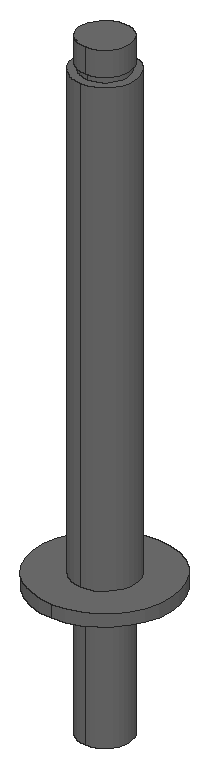
Revit family "4-ALMA-BSCARMCode-Mira Ceiling Shower Arm-Finish", category Plumbing Fixtures, host Face, Revit 2022
Family settings
  Host = Face
  Round Connector Dimension = Use Diameter
  Part Type = Normal
  Cut with Voids When Loaded = No
  Maintain Annotation Orientation = No
  Shared = No
  Room Calculation Point = No
Parameters (values of type "MATTE BLACK")
  URL = "https://www.buildmat.com.au/products/mira-matte-black-celing-shower-arm"
  Model = "BSCARMMB"
  Material = _BM_MATTE BLACK
  Manufacturer = "BUILDMAT"
  Default Elevation = 1219.2 mm
  Cost = 49
Types (4, lengths in mm): name | URL | Model | Material | Cost
  BRUSHED BRASS GOLD | "https://www.buildmat.com.au/products/mira-brushed-brass-gold-celing-shower-arm" | "BSCARMGD" | _BM_BRUSHED BRASS GOLD | 69
  BRUSHED GUNMETAL | "https://www.buildmat.com.au/products/mira-brushed-gunmetal-ceiling-shower-arm" | "BSCARMGM" | _BM_BRUSHED GUNMETAL | 69
  BRUSHED NICKEL | "https://www.buildmat.com.au/products/mira-brushed-nickel-ceiling-shower-arm" | "BSCARMBN" | _BM_BRUSHED NICKEL | 69
  MATTE BLACK | "https://www.buildmat.com.au/products/mira-matte-black-celing-shower-arm" | "BSCARMMB" | _BM_MATTE BLACK | 49
Reference planes
  plane 1 "Centro (Frontal/Posterior)": y = 0
  plane 2: z = 0
  plane 3 "Centro (Izquierda/Derecha)": x = 0
  plane 4 "Top": z = 0
  plane 5: z = -55
  plane 6: y = 10
  plane 7: y = -10
  plane 8: x = -10
  plane 9: x = 10
  plane 10 "Left": x = -27.5
  plane 11 "Right": x = 27.5
  plane 12 "Front": y = -27.5
  plane 13 "Back": y = 27.5
  plane 14: z = 5
  plane 15 "Bottom": z = 192.5
  plane 16: z = 205
  plane 17: y = 12.5
  plane 18: y = -12.5
  plane 19: x = -12.5
  plane 20: x = 12.5
  plane 21: z = 195
Forms (mm)
  Extrusion 1, void
    sketch origin (0, 0, 0) x (0, -1, 0) y (1, 0, 0)
      loop
        circle (0, 0) r 10
    from 0 to -55
  Extrusion 2, solid, material "_BM_MATTE BLACK" <- "Material"
    sketch origin (0, 0, 0) x (0, -1, 0) y (1, 0, 0)
      loop
        circle (0, 0) r 27.5
    from 0 to 5
  Extrusion 3, solid, material "_BM_MATTE BLACK" <- "Material"
    sketch origin (0, 0, 0) x (0, -1, 0) y (1, 0, 0)
      loop
        circle (0, 0) r 10
    from 0 to -55
  Extrusion 4, solid, material "_BM_MATTE BLACK" <- "Material"
    sketch origin (0, 0, 192.5) x (0, -1, 0) y (1, 0, 0)
      loop
        circle (0, 0) r 12.5
    from 0 to -187.5
  Extrusion 5, solid, material "_BM_MATTE BLACK" <- "Material"
    sketch origin (0, 0, 192.5) x (0, -1, 0) y (1, 0, 0)
      loop
        circle (0, 0) r 9
    from 0 to 2.5
  Extrusion 6, solid, material "_BM_MATTE BLACK" <- "Material"
    sketch origin (0, 0, 192.5) x (0, -1, 0) y (1, 0, 0)
      loop
        circle (0, 0) r 10
    from 2.5 to 12.5
Cuts and joins
  joined: Extrusion 2, Extrusion 3, Extrusion 4, Extrusion 5, Extrusion 6
Dimensions and locks
  plane 4 "Top" to level = 0 mm
  plane 4 "Top" to plane 5 = 55 mm
  equal spacing: plane 8, plane 3 "Centro (Izquierda/Derecha)", plane 9
  equal spacing: plane 6, plane 1 "Centro (Frontal/Posterior)", plane 7
  plane 6 to plane 7 = 20 mm
  plane 8 to plane 9 = 20 mm
  equal spacing: plane 10 "Left", plane 3 "Centro (Izquierda/Derecha)", plane 11 "Right"
  equal spacing: plane 13 "Back", plane 1 "Centro (Frontal/Posterior)", plane 12 "Front"
  plane 13 "Back" to plane 12 "Front" = 55 mm
  plane 10 "Left" to plane 11 "Right" = 55 mm
  plane 14 to plane 4 "Top" = 5 mm
  plane 15 "Bottom" to plane 4 "Top" = 192.5 mm
  plane 16 to plane 4 "Top" = 205 mm
  equal spacing: plane 18, plane 1 "Centro (Frontal/Posterior)", plane 17
  equal spacing: plane 19, plane 3 "Centro (Izquierda/Derecha)", plane 20
  plane 19 to plane 20 = 25 mm
  plane 17 to plane 18 = 25 mm
  plane 21 to plane 15 "Bottom" = 2.5 mm
  aligned and locked: plane 2 to host face
  aligned and locked: level to host face
  aligned and locked: plane 5 to Extrusion 1
  aligned and locked: Extrusion 1 to plane 4 "Top"
  aligned and locked: plane 4 "Top" to Extrusion 2
  aligned and locked: Extrusion 2 to plane 14
  aligned and locked: Extrusion 3 to plane 4 "Top"
  aligned and locked: plane 5 to cut or joined group of Extrusion 2, Extrusion 3, Extrusion 4, Extrusion 5, Extrusion 6
  aligned and locked: Extrusion 4 to plane 15 "Bottom"
  aligned and locked: plane 14 to Extrusion 4
  aligned and locked: plane 15 "Bottom" to Extrusion 5
  aligned and locked: Extrusion 5 to plane 21
  aligned and locked: plane 21 to Extrusion 6
  aligned and locked: Extrusion 6 to plane 16
Automatic sketch dimensions
  host sketch curve to host sketch curve = 2438.4 mm  (x2)
  plane 1 "Centro (Frontal/Posterior)" to Extrusion 1 sketch curve = 0 mm
  Extrusion 1 sketch curve to plane 3 "Centro (Izquierda/Derecha)" = 0 mm
  plane 1 "Centro (Frontal/Posterior)" to Extrusion 2 sketch curve = 0 mm
  Extrusion 2 sketch curve to plane 3 "Centro (Izquierda/Derecha)" = 0 mm
  plane 1 "Centro (Frontal/Posterior)" to Extrusion 3 sketch curve = 0 mm
  Extrusion 3 sketch curve to plane 3 "Centro (Izquierda/Derecha)" = 0 mm
  plane 1 "Centro (Frontal/Posterior)" to Extrusion 4 sketch curve = 0 mm
  Extrusion 4 sketch curve to plane 3 "Centro (Izquierda/Derecha)" = 0 mm
  plane 1 "Centro (Frontal/Posterior)" to Extrusion 5 sketch curve = 0 mm
  Extrusion 5 sketch curve to plane 3 "Centro (Izquierda/Derecha)" = 0 mm
  plane 1 "Centro (Frontal/Posterior)" to Extrusion 6 sketch curve = 0 mm
  Extrusion 6 sketch curve to plane 3 "Centro (Izquierda/Derecha)" = 0 mm
  radius of Extrusion 1 sketch curve = 10 mm
  radius of Extrusion 2 sketch curve = 27.5 mm
  radius of Extrusion 3 sketch curve = 10 mm
  radius of Extrusion 4 sketch curve = 12.5 mm
  radius of Extrusion 5 sketch curve = 9 mm
  radius of Extrusion 6 sketch curve = 10 mm
